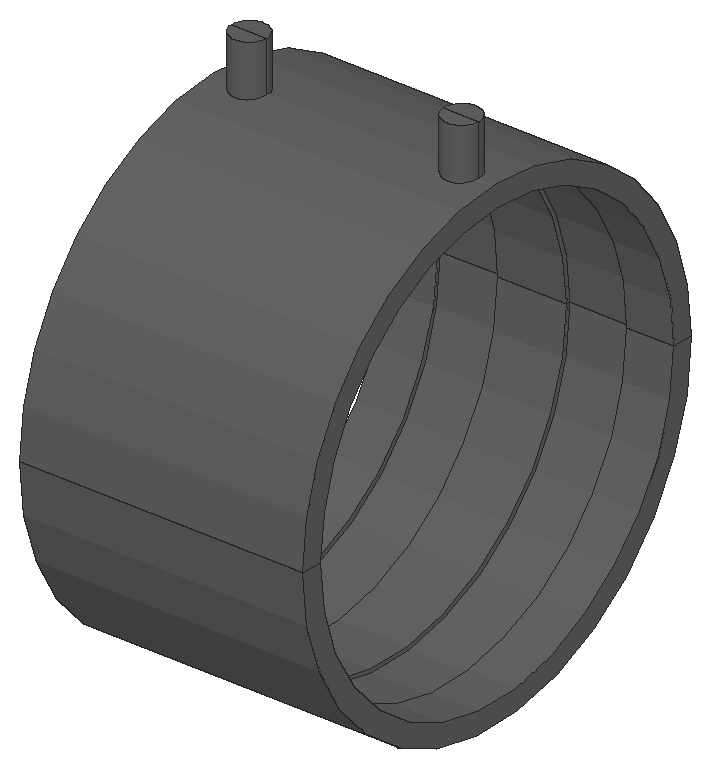
Revit family "QSS+_Муфта электросварная", category Соединительные детали трубопроводов, Revit 2019
Family settings
  Размер круглого соединителя = Использовать диаметр
  Тип детали = Соединение
  На основе рабочей плоскости = Нет
  Всегда вертикально = Да
  При загрузке вырезать с полостями = Нет
  Общий = Нет
Parameters (values of type "QSS+")
  Поиск по таблице имен = "QSS+_Муфта электросварная"  # constant formula
  Материал_Корпус_2 = Пластик
  Материал_Корпус = Металл
  L3 [instance] = size_lookup(Поиск по таблице имен, "L3", 80 mm, DN)  # 13.2 mm
  L2 [instance] = size_lookup(Поиск по таблице имен, "L2", 80 mm, DN)  # 17.1 mm
  URL = "www.agpipe.ru"
  L1 [instance] = size_lookup(Поиск по таблице имен, "L1", 80 mm, DN)  # 38.5 mm
  DN [instance] = 125 mm
  ADSK_Примечание = ""
  ADSK_Позиция [instance] = ""
  ADSK_Обозначение = ""
  ADSK_Наименование [instance] = size_lookup(Поиск по таблице имен, "ADSK_Наименование", "Нет в каталоге", DN)  # "Муфта электросварная DN125"
  ADSK_Масса_Текст [instance] = ""
  ADSK_Код изделия [instance] = size_lookup(Поиск по таблице имен, "ADSK_Код изделия", "Нет в каталоге", DN)  # "QSS-ELF-125"
  ADSK_Завод-изготовитель = "Agpipe"  # constant formula
  ADSK_Единица измерения = "шт."  # constant formula
Reference planes
  plane 1 "По центру (Вперед/Назад)": y = 0
  plane 2: z = 0
  plane 3 "По центру (Влево/Вправо)": x = 0
  plane 4: x = -40
  plane 5: x = 40
  plane 6: y = -62.5
  plane 7: y = 62.5
  plane 8: z = 62.5
  plane 9: z = -62.5
  plane 10: z = 24
  plane 11: z = 43.25
  plane 12: x = -1.5
  plane 13: x = 1.5
  plane 14: x = -26.8
  plane 15: x = -9.7
  plane 16: x = 9.7
  plane 17: x = 26.8
Forms (mm)
  Revolve 1, solid, material "Пластик" <- "Материал_Корпус_2"
    sketch origin (0, 0, 0) x (1, 0, 0) y (0, 1, 0)
      loop
        line (-40, 68.5) -> (-40, 62.5) -> (-26.8, 62.5) -> (-26.8, 63.5) -> (-9.7, 63.5) -> (-9.7, 62.5) -> (9.7, 62.5) -> (9.7, 63.5) -> (26.8, 63.5) -> (26.8, 62.5) -> (40, 62.5) -> (40, 68.5) -> (-40, 68.5)
      axis (-40, 0) -> (40, 0)
    angle from 0 to 360
  Revolve 2, solid, material "Пластик" <- "Материал_Корпус_2"
    sketch origin (0, 0, 0) x (1, 0, 0) y (0, 0, 1)
      loop
        line (-30, 62.5) -> (-30, 82.5) -> (-35, 82.5) -> (-35, 62.5) -> (-30, 62.5)
      axis (-30, 62.5) -> (-30, 82.5)
    angle from 0 to 360
  Revolve 3, solid, material "Пластик" <- "Материал_Корпус_2"
    sketch origin (0, 0, 0) x (-1, 0, 0) y (0, 0, 1)
      loop
        line (-30, 62.5) -> (-30, 82.5) -> (-35, 82.5) -> (-35, 62.5) -> (-30, 62.5)
      axis (-30, 62.5) -> (-30, 82.5)
    angle from 0 to 360
Lines and regions (mm)
  reference lines
    curve 1: line (-1.5, 0, 0) -> (1.5, 0, 0)
Dimensions and locks
  equal spacing: plane 7, plane 1 "По центру (Вперед/Назад)", plane 6
  "DN": plane 7 to plane 6
  equal spacing: plane 8, level, plane 9
  "DN": plane 8 to plane 9
  equal spacing: plane 8, plane 11, plane 10
  "L1": plane 8 to plane 10
  locked: plane 3 "По центру (Влево/Вправо)" to plane 13 at 1.5
  locked: plane 12 to plane 3 "По центру (Влево/Вправо)" at 1.5
  "L1": plane 13 to plane 5
  "L1": plane 4 to plane 12
  "L3": plane 17 to plane 5
  "L2": plane 16 to plane 17
  "L3": plane 4 to plane 14
  "L2": plane 14 to plane 15
  locked: Revolve 1 sketch curve to Revolve 1 sketch curve at 1
  locked: Revolve 1 sketch curve to plane 7 at 6
  locked: Revolve 2 sketch curve to plane 4 at 10
  locked: Revolve 2 sketch curve to Revolve 2 sketch curve at 5
  locked: Revolve 2 sketch curve to plane 8 at 20
  locked: Revolve 3 sketch curve to Revolve 3 sketch curve at 5
  locked: plane 5 to Revolve 3 sketch curve at 10
  locked: Revolve 3 sketch curve to plane 8 at 20
  aligned and locked: level to plane 2
  aligned and locked: plane 4 to Revolve 1 sketch curve
  aligned and locked: Revolve 1 sketch curve to plane 5
  aligned and locked: plane 17 to Revolve 1 sketch curve
  aligned and locked: Revolve 1 sketch curve to plane 16
  aligned and locked: plane 15 to Revolve 1 sketch curve
  aligned and locked: Revolve 1 sketch curve to plane 14
  aligned and locked: Revolve 1 sketch curve to Revolve 1 sketch curve  (x3)
  aligned and locked: plane 1 "По центру (Вперед/Назад)" to Revolve 1 sketch curve
  aligned and locked: plane 12 to curve 1
  aligned and locked: plane 13 to curve 1
  aligned and locked: plane 7 to Revolve 1 sketch curve
  aligned and locked: Revolve 2 sketch curve to plane 8
  aligned and locked: plane 8 to Revolve 3 sketch curve
  aligned and locked: Revolve 3 sketch curve to Revolve 3 sketch curve
Automatic sketch dimensions
  plane 1 "По центру (Вперед/Назад)" to curve 1 = 0 mm
  Revolve 2 sketch curve to level = 17.5 mm
  level to Revolve 3 sketch curve = 17.5 mm
  plane 4 to Revolve 1 sketch curve = 5 mm
  Revolve 1 sketch curve to plane 5 = 5.2 mm
  plane 9 to Revolve 3 sketch curve = 15 mm
  plane 4 to Revolve 2 sketch curve = 10 mm
  Revolve 2 sketch curve to plane 9 = 15 mm
Connectors
  piping at (-1.5, 0, 0), diameter 125, driven by "DN"
    settings: on curve 1, index 1, connector inside diameter 609.6 mm, connector length 0 mm, flow factor 0, pipe flow 0.0 L/s, pressure drop 0.0 Pa, fitting loss kfactor 0, connector angle 0.00°, fixture units 0, engagement length 0 mm, angle of deflection 0.00°, flow configuration 0, flow direction 0, fitting loss method 0, system type 28, joint type 0, gender type 0, connector reference index 2, connector utility 0, adjustable connector no, is connector primary yes, connector description ""
  piping at (1.5, 0, 0), diameter 125, driven by "DN"
    settings: on curve 1, index 2, connector inside diameter 609.6 mm, connector length 0 mm, flow factor 0, pipe flow 0.0 L/s, pressure drop 0.0 Pa, fitting loss kfactor 0, connector angle 0.00°, fixture units 0, engagement length 0 mm, angle of deflection 0.00°, flow configuration 0, flow direction 0, fitting loss method 0, system type 28, joint type 0, gender type 0, connector reference index 1, connector utility 0, adjustable connector no, is connector primary no, connector description ""
